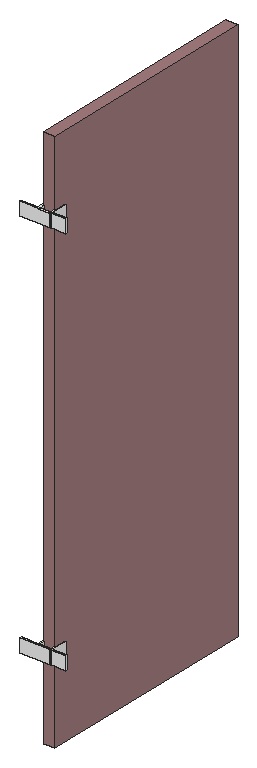
Revit family "Privacy-Screen_Scranton_WallHung", category Casework, host Wall, Revit 2026
Family settings
  Host = Wall
  Classification Number = 23.25.40.14.14.11
  Always vertical = Yes
  Cut with Voids When Loaded = No
  Shared = No
  Room Calculation Point = No
Parameters (values of type "As Specified")
  Warranty Duration (Years) = 0
  URL = "http://www.scrantonproducts.com/"
  Type Comments = "Privacy Screen"
  Test Data = "http://www.scrantonproducts.com/products/technical-specifications"
  Stall Width = 2' - 0"
  Stall Depth [instance] = 1' - 6"
  SpecWizard = "http://www.arcat.com/specwizard/10155spi/index.htm?coid=45422&mf="
  Panel Thickness = 0' - 0 7/8"
  Panel Height [instance] = 3' - 6"
  Material = Solid Plastic - Finish as Specified
  Green Building-LEED = "http://www.arcat.com/green/clients/leed_data_45422.html"
  End Panel_Right Side [instance] = yes
  Specification = "http://www.arcat.com/sdspecs/htm/10155spi.htm"
  Send Message = "http://www.arcat.com/users.pl?action=UserEmail&company=Scranton%20Products&coid=45422&rep=154&fax=800-551-6993&mf="
  Sales Information = "http://www.scrantonproducts.com/contact-us/"
  Revision = "R1_03-2011"
  Reveal Clearance = 0' - 0 1/2"
  Product Properties = "http://www.scrantonproducts.com/assets/docs/brochure-toiletpartition.pdf"
  Product Data = "http://www.arcat.com/arcatcos/cos45/arc45422.html"
  Model = "Wall Hung Privacy Screen"
  Manufacturer's Notes = "Contact Manufacturer for More Information"
  Manufacturer Website = "http://www.scrantonproducts.com/"
  Manufacturer Phone = "800-445-5148"
  Manufacturer Fax = "800-551-6993"
  Manufacturer Address = "801 East Corey Street, Scranton, PA 18505"
  Manufacturer = "Scranton Products"
  Maintenance Schedule (Months) = 0
  Keynote = "10 21 00"
  Installation Phase = ""
  End Panel_Left Side [instance] = no
  Hardware Finish = Chrome Plated Zamac
  Expected Lifespan (Years) = 0
  Drawn By = "Robert S. Weygant, CSI, CDT, SCIP"
  Distance from Floor to Panel [instance] = 1' - 0"
  Default Elevation = 0' - 0"
  Copyright = "2011, ARCAT, Inc."
  Description = "Scranton Products Wall Mounted Privacy Screen"
  Construction Details = "http://www.arcat.com/details/cadlist.php?id=45422&mf=&webabrv=scranton&mf=&cadlist=1172.Compartments.and.Cubicles.-.Ceiling.Hung.Partitions._1173.Compartments.and.Cubicles.-.Floor.to.Ceiling.Partitions._1174.Compartments.and.Cubicles.-.Headrail.Braced.Partitions._"
  Brackets_Vertical = 2
  Assembly Code = "C1010400"
Reference planes (in)
  plane 1: y = 26.56271
  plane 2: x = 14.69467
  plane 3 "Back": y = 29.06271
  plane 4 "Right": x = 13.81967
  plane 5 "Bottom of panel": z = 12
  plane 6 "Top of panel": z = 54
  plane 7 "Bottom Bracket": z = 18
  plane 8 "Top Bracket": z = 48
  plane 9 "Top Hinge": z = 50.75
  plane 10: y = 47.06271
  plane 11: y = 29.56271
  plane 12: z = 0
  plane 13: x = 14.25717
Forms (in)
  Extrusion 1, solid, material "Solid Plastic - Finish as Specified" <- "Material", visible <- "End Panel_Right Side"
    sketch origin (0, 0, 0) x (1, 0, 0) y (0, 1, 0)
      loop
        line (13.81967, 29.56271) -> (14.69467, 29.56271) -> (14.69467, 47.06271) -> (13.81967, 47.06271) -> (13.81967, 29.56271)
    from 12 to 54
Lines and regions (in)
  symbolic lines
    curve 1: line (14.69467, 29.06271, 0) -> (13.81967, 29.06271, 0)
Text (in)
  text "Placement Side" at (0, 40.15149, 123.01588), in view "Right"
  text "Placement Side" at (-71.13158, 43.3951, 0), in view "Floor Line"
  text "Placement Side" at (0, 65.23256, 117.93067), in view "Left"
Dimensions and locks (in)
  "Panel Height": plane 5 "Bottom of panel" to plane 6 "Top of panel"
  "Distance from Floor to Panel": host wall to plane 5 "Bottom of panel"
  "Panel Thickness": plane 4 "Right" to plane 2
  locked: plane 8 "Top Bracket" to plane 9 "Top Hinge" at 2.75
  locked: plane 8 "Top Bracket" to plane 6 "Top of panel" at 6
  locked: plane 5 "Bottom of panel" to plane 7 "Bottom Bracket" at 6
  "Reveal Clearance": plane 11 to plane 3 "Back"
  group 1 to group 2 = 0' - 0"  (x2)
  group 1 to group 2 = 2' - 6"
  "Stall Depth": plane 10 to plane 3 "Back"
  equal spacing: plane 4 "Right", plane 13, plane 2
  aligned and locked: Extrusion 1 to plane 6 "Top of panel"
  aligned and locked: plane 5 "Bottom of panel" to Extrusion 1
  aligned and locked: plane 10 to Extrusion 1 sketch curve
  aligned and locked: Extrusion 1 sketch curve to plane 11
  aligned and locked: nested 1 to plane 2  (x3)
  aligned and locked: plane 3 "Back" to nested 1
  aligned and locked: plane 7 "Bottom Bracket" to nested 1
  aligned and locked: nested 1 to plane 3 "Back"  (x4)
  aligned and locked: plane 4 "Right" to nested 1  (x2)
  aligned and locked: plane 8 "Top Bracket" to nested 2
  aligned and locked: nested 2 to plane 2
  aligned and locked: plane 12 to level
  aligned and locked: host wall to plane 3 "Back"
  aligned and locked: plane 3 "Back" to nested 2
Automatic sketch dimensions
  curve 1 to host wall = 0' - 0"
  curve 1 to plane 4 "Right" = 0' - 0"
  curve 1 to plane 2 = 0' - 0"
  Extrusion 1 sketch curve to plane 4 "Right" = 0' - 0"
  Extrusion 1 sketch curve to plane 2 = 0' - 0"
Nested families (in)
  nested 1: "Mounting Bracket" at (14.69467, 29.06271, 18) x (-1, 0, 0) z (0, 0, 1), visible <- "End Panel_Right Side", type "Common Mount"
  nested 2: "Mounting Bracket" at (14.69467, 29.06271, 48) x (-1, 0, 0) z (0, 0, 1), visible <- "End Panel_Right Side", type "Common Mount"
Definition of nested family "Mounting Bracket"
  Parameters
    panel thickness = 0' - 0 1/2"
    hdwr matl = none
    Surfmnt = yes
    Hdwr Height = 0' - 1"
    Default Elevation = 0' - 0"
    Assembly Code = ""
  Reference planes (in)
    plane 1 "Center (Front/Back)": y = 0
    plane 2 "bottom": z = 0
    plane 3 "Center (Left/Right)": x = 0
    plane 4: y = -1.37133
    plane 5 "top": z = 1
    plane 6: y = -0.12324
  Forms (in)
    Extrusion 1, solid, material <- "hdwr matl"
      sketch origin (0, 0, 0) x (1, 0, 0) y (0, 1, 0)
        loop
          line (0, -1.37133) -> (0, -0.125) -> (0.5, -0.125) -> (0.5, -1.37133) -> (0.625, -1.37133) -> (0.625, -0.12324) -> (2.25, -0.12324) -> (2.25, 0) -> (-0.125, 0) -> (-0.125, -1.37133) -> (0, -1.37133)
      from 0 to 1
    Extrusion 2, solid, material <- "hdwr matl", visible <- "Surfmnt"
      sketch origin (0, 0, 0) x (1, 0, 0) y (0, 1, 0)
        loop
          line (0, 0) -> (-1.25, 0) -> (-1.25, -0.125) -> (0, -0.125) -> (0, 0)
      from 0 to 1
  Dimensions and locks (in)
    "panel thickness": Extrusion 1 sketch curve to Extrusion 1 sketch curve
    locked: Extrusion 1 sketch curve to Extrusion 1 sketch curve at 0.125  (x2)
    locked: plane 4 to plane 1 "Center (Front/Back)" at 1.37133
    locked: Extrusion 1 sketch curve to Extrusion 1 sketch curve at 2.375
    locked: Extrusion 2 sketch curve to Extrusion 2 sketch curve at 0.125
    locked: Extrusion 2 sketch curve to Extrusion 2 sketch curve at 1.25
    "Hdwr Height": plane 5 "top" to plane 2 "bottom"
    locked: plane 6 to plane 1 "Center (Front/Back)" at 0.12324
    "panel thickness": Extrusion 1 to Extrusion 1
    aligned and locked: plane 3 "Center (Left/Right)" to Extrusion 1 sketch curve
    aligned and locked: Extrusion 1 sketch curve to plane 1 "Center (Front/Back)"
    aligned and locked: Extrusion 1 sketch curve to plane 4  (x2)
    aligned and locked: Extrusion 2 sketch curve to plane 1 "Center (Front/Back)"
    aligned and locked: plane 3 "Center (Left/Right)" to Extrusion 2 sketch curve
    aligned and locked: plane 5 "top" to Extrusion 1
    aligned and locked: plane 5 "top" to Extrusion 2
    aligned and locked: Extrusion 1 to plane 2 "bottom"
    aligned and locked: Extrusion 2 to plane 2 "bottom"
  Automatic sketch dimensions
    plane 1 "Center (Front/Back)" to Extrusion 1 sketch curve = 0' - 0.12324"
    plane 1 "Center (Front/Back)" to Extrusion 1 sketch curve = 0' - 0 1/8"
